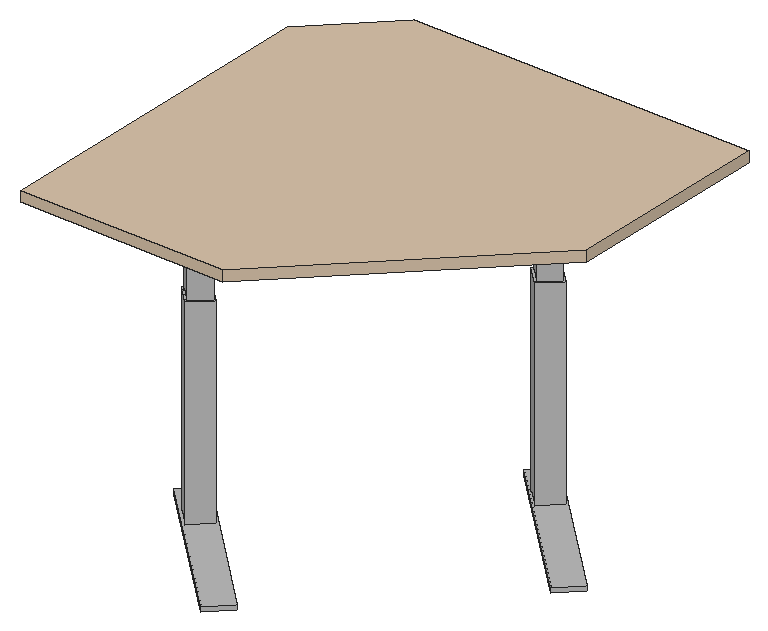
Revit family "Haworth_Planes_HeightAdjustTable_90-Straight", category Furniture Systems, Revit 2018
Family settings
  Round Connector Dimension = Use Diameter
  Part Type = Normal
  OmniClass Number = 23.40.70.14.64.21
  OmniClass Title = Systems Furniture
  Work Plane-Based = No
  Always vertical = Yes
  Cut with Voids When Loaded = No
  Shared = No
  Room Calculation Point = No
Parameters (values of type "46w 23d")
  Width = 46"
  Warranty = "http://www.haworth.com/resources/product-info/warranties"
  URL - Product = "https://www.haworth.com/products/tables/height-adjustable/planes"
  Table Finish [instance] = Haworth _ Laminate _ Maple H-AE
  Table Edge Finish [instance] = Haworth _ Laminate _ Maple H-AE
  Model = "TACA"  # constant formula
  Min/Max Width = "34, 40, 46 in."  # constant formula
  Min/Max Depth = "23 in."  # constant formula
  Min. Height = 27"  # constant formula
  Min. Width = 34"  # constant formula
  Min. Depth = 23"  # constant formula
  Max. Height = 46"  # constant formula
  Max. Width = 46"  # constant formula
  Max. Depth = 23"  # constant formula
  URL = "www.haworth.com"
  Support Height = Actual Height - Top Thickness  # 38 13/16"
  Size = "Verify Final Dim. w/ Haworth"  # constant formula
  Revision Number = "1"  # constant formula
  Manufacturer = "Haworth"  # constant formula
  Leg Side Offset = if(Width < 40", 11 1/2", if(Width = 40", 14", 17"))  # 17"
  Leg Finish [instance] = Haworth _ Paint _ Metallic Champagne
  Leg Back Offset = if(Width < 40", 14 11/32", if(Width = 40", 16 31/32", 18 5/32"))  # 18 5/32"
  Knife Edge = not(Edgeband)  # no
  Height = 40"
  Edgeband = yes
  Description = "Haworth Planes - HAT - 90 Straight - 46w 23d"
  Depth = 23"
  Custom Size = not(and(Depth = 23", or(Width = 34", Width = 40", Width = 46")))  # no
  Base Tube Finish = Haworth _ Paint _ Smoke
  Back Start Control = if(Actual Width < 40", 4 1/4", 5 83/128")  # 5 83/128"
  Author = "Haworth (Alias)"  # constant formula
  Assembly Code = "E2020200"
  Actual Width = if(Width > Max. Width, Max. Width, if(Width < Min. Width, Min. Width, Width))  # 46"
  Actual Height = if(Height > Max. Height, Max. Height, if(Height < Min. Height, Min. Height, Height))  # 40"
  Top Thickness = 1 3/16"  # constant formula
  Actual Depth = if(Depth > Max. Depth, Max. Depth, if(Depth < Min. Depth, Min. Depth, Depth))  # 23"
  23 Deep = Actual Depth < 27"  # yes
Types (3): name | Width | Leg Side Offset | Leg Back Offset | Description | Back Start Control | Actual Width
  40w 23d | 40" | 14" | 16 31/32" | "Haworth Planes - HAT - 90 Straight - 40w 23d" | 5 83/128" | 40"
  34w 23d | 34" | 11 1/2" | 14 11/32" | "Haworth Planes - HAT - 90 Straight - 34w 23d" | 4 1/4" | 34"
  46w 23d | 46" | 17" | 18 5/32" | "Haworth Planes - HAT - 90 Straight - 46w 23d" | 5 83/128" | 46"
Reference planes (in)
  plane 1 "Floor": z = 0
  plane 2 "Center L/R": x = 9
  plane 3 "Top": z = 40
  plane 4 "Table Bottom": z = 38.8125
  plane 5 "Back": y = 5.5
  plane 6 "Left": x = -14
  plane 7 "Inside Front": y = -17.5
  plane 8 "Right": x = 32
  plane 9 "Front": y = -40.5
  plane 10 "Inside Right": x = 9
  plane 11 "masking region": z = 38
  plane 12 "Center Angle": through (-14, 5.5, 48) normal (0.7071, 0.7071, 0)
  plane 13 "Back Angle": through (-1.97918, 17.52082, 48) normal (0.7071, 0.7071, 0)
  plane 14 "Front Angle": through (-26.02082, -6.52082, 48) normal (0.7071, 0.7071, 0)
  plane 15 "Center FB": y = -17.5
  plane 16 "Back Worksurface": through (-10.00595, 1.50595, 48) normal (0.7071, -0.7071, 0)
  plane 17 "Leg Middle": through (11.31774, -2.84717, 48) normal (0.7071, -0.7071, 0)
  plane 18 "Back Top Angle": through (-14, 5.5, 48) normal (-0.7071, 0.7071, 0)
Dimensions and locks (in)
  "Actual Height": plane 3 "Top" to level
  "Top Thickness": plane 3 "Top" to plane 4 "Table Bottom"
  "Actual Width": plane 8 "Right" to plane 6 "Left"
  equal spacing: plane 8 "Right", plane 2 "Center L/R", plane 6 "Left"
  "Actual Depth": plane 5 "Back" to plane 7 "Inside Front"
  "Actual Width": plane 5 "Back" to plane 9 "Front"
  "Actual Depth": plane 6 "Left" to plane 10 "Inside Right"
  locked: plane 3 "Top" to plane 11 "masking region" at 2
  equal spacing: plane 5 "Back", plane 15 "Center FB", plane 9 "Front"
  "Leg Side Offset": plane 13 "Back Angle" to plane 12 "Center Angle"
  "Leg Side Offset": plane 12 "Center Angle" to plane 14 "Front Angle"
  "Back Start Control": plane 18 "Back Top Angle" to plane 16 "Back Worksurface"
  "Leg Back Offset": plane 17 "Leg Middle" to plane 16 "Back Worksurface"
  aligned and locked: plane 1 "Floor" to nested 1
  aligned and locked: plane 1 "Floor" to nested 2
  aligned and locked: plane 5 "Back" to nested 2
  aligned and locked: nested 2 to plane 6 "Left"
  aligned and locked: nested 1 to plane 17 "Leg Middle"
  aligned and locked: nested 3 to plane 17 "Leg Middle"
  aligned and locked: nested 1 to plane 14 "Front Angle"
  aligned and locked: plane 13 "Back Angle" to nested 3
  aligned and locked: nested 3 to plane 1 "Floor"
Nested families (in)
  nested 1: "Haworth_Support-Height_Adjustable_Leg_Part" at (-8.21609, -22.381, 0) x (0.7071, 0.7071, 0) z (0, 0, 1), type "Leg"
    with Leg Height 38 13/16"
  nested 2: "Haworth_Planes_Worksurface_90Straight_Part" at (6, -29.5, 0), type "Worksurface"
    with Actual Width 46", Actual Height 40"
  nested 3: "Haworth_Support-Height_Adjustable_Leg_Part" at (13.881, -0.28391, 0) x (-0.7071, -0.7071, 0) z (0, 0, 1), type "Leg"
    with Leg Height 38 13/16"
Definition of nested family "Haworth_Support-Height_Adjustable_Leg_Part"
  Parameters (values of type "Leg")
    URL = "www.haworth.com"
    Top Support Front = if([29 Deep], 14 1/8", 8 1/8")  # 8 1/8"
    Note = "Verify Final Dim. w/ Haworth"  # constant formula
    Manufacturer = "Haworth"  # constant formula
    Leg Length Middle = if([29 Deep], 9 1/8", 7 1/8")  # 7 1/8"
    Leg Length Front = if([29 Deep], 19 5/16", 16 5/16")  # 16 5/16"
    Leg Length Back = if([29 Deep], 8 1/8", 5 1/8")  # 5 1/8"
    Leg Height = 27 13/16"
    Leg Finish = none
    Glide Finish = none
    Base Tube Finish = none
    Assembly Code = ""
    Actual Depth = if([29 Deep], 27 7/16", 21 7/16")  # 21 7/16"
    29 Deep = not([23 Deep])  # no
    23 Deep = yes
  Reference planes (in)
    plane 1 "Center (Front/Back)": y = 0
    plane 2 "Bottom": z = 0
    plane 3 "Center (Left/Right)": x = 0
    plane 4 "Bottom of Top": z = 27.8125
    plane 5 "Top of Base": z = 2.5625
    plane 6: z = 1.5625
    plane 7: y = 2.4375
    plane 8: y = -12.125
    plane 9: x = 1.375
    plane 10: x = -1.375
    plane 11: x = -1.625
    plane 12: x = 1.625
    plane 13: y = 5.125
    plane 14: y = -16.3125
    plane 15: y = -14.9375
    plane 16: y = 3.9375
    plane 17 "Support Bottom": z = 25.1875
    plane 18: z = 26.5
    plane 19: y = 7.875
    plane 20: y = -8.125
    plane 21 "Top of Leg": z = 23.5625
  Forms (in)
    Extrusion 1, solid, material <- "Leg Finish"
      sketch origin (0, 0, 0) x (0, -1, 0) y (0, 0, -1)
        loop
          line (16.3125, -0.375) -> (-5.125, -0.375) -> (-5.125, -0.875) -> (16.3125, -0.875) -> (16.3125, -0.375)
      from -1.625 to 1.625
    Extrusion 2, solid, material <- "Leg Finish"
      sketch origin (0, 0, 2.5625) x (-1, 0, 0) y (0, -1, 0)
        loop
          line (1.375, -1.375) -> (1.375, 1.375) -> (-1.375, 1.375) -> (-1.375, -1.375) -> (1.375, -1.375)
      from -1.6875 to 21
    Extrusion 3, solid, material <- "Leg Finish"
      sketch origin (-1.375, -19.87459, 48) x (0, -1, 0) y (0, 0, -1)
        loop
          line (-10.24959, 20.1875) -> (-10.24959, 21.66628) -> (-16.14638, 22.8125) -> (-20.66006, 22.8125) -> (-26.24959, 20.55418) -> (-26.24959, 20.1875) -> (-10.24959, 20.1875)
      from 0 to -0.125
    Extrusion 4, solid, material <- "Base Tube Finish"
      sketch origin (0, 0, 2.5625) x (-1, 0, 0) y (0, -1, 0)
        loop
          line (1.1875, -1.1875) -> (1.1875, 1.1875) -> (-1.1875, 1.1875) -> (-1.1875, -1.1875) -> (1.1875, -1.1875)
      from 21 to 25.25
    Extrusion 5, solid, material <- "Glide Finish"
      sketch origin (0, 0, 0) x (1, 0, 0) y (0, 1, 0)
        loop
          circle (0, 2.4375) r 1.12339
        loop
          circle (0, -12.125) r 1.12816
      from 0 to 0.375
  Cuts and joins
    joined: Extrusion 1, Extrusion 2
  Lines and regions (in)
    Masking region 1, detail levels medium+fine
      outline origin (0, 0, 0) x (1, 0, 0) y (0, 1, 0)
        loop
          line (-1.625, -16.3125) -> (1.625, -16.3125) -> (1.625, 5.125) -> (-1.625, 5.125) -> (-1.625, -16.3125)
    symbolic lines, detail levels medium+fine
      curve 1: line (-1.375, 1.375, 0) -> (1.375, 1.375, 0)
      curve 2: line (-1.375, -1.375, 0) -> (-1.375, 1.375, 0)
      curve 3: line (1.375, -1.375, 0) -> (-1.375, -1.375, 0)
      curve 4: line (1.375, 1.375, 0) -> (1.375, -1.375, 0)
  Dimensions and locks (in)
    "Leg Height": plane 4 "Bottom of Top" to level
    level to plane 5 "Top of Base" = 2 9/16"
    level to plane 6 = 1 9/16"
    locked: plane 10 to plane 9 at 2.75
    locked: plane 11 to plane 12 at 3.25
    equal spacing: plane 11, plane 3 "Center (Left/Right)", plane 12
    equal spacing: plane 10, plane 3 "Center (Left/Right)", plane 9
    plane 4 "Bottom of Top" to plane 17 "Support Bottom" = 2 5/8"
    Extrusion 2 sketch curve to plane 1 "Center (Front/Back)" to Extrusion 2 sketch curve = 1 3/8", 1 3/8"
    locked: plane 21 "Top of Leg" to level at 23.5625
    "Leg Length Front": plane 14 to plane 1 "Center (Front/Back)"
    "Leg Length Back": plane 1 "Center (Front/Back)" to plane 13
    locked: plane 14 to plane 15 at 1.375
    locked: plane 15 to plane 8 at 2.8125
    locked: plane 16 to plane 13 at 1.1875
    locked: plane 7 to plane 16 at 1.5
    plane 1 "Center (Front/Back)" to plane 13 = 5 1/8"
    "Top Support Front": plane 20 to plane 1 "Center (Front/Back)"
    angle plane 4 "Bottom of Top" to Extrusion 3 sketch curve = 22.00°
    angle Extrusion 3 sketch curve to plane 4 "Bottom of Top" = 11.00°
    aligned and locked: plane 12 to Extrusion 1
    aligned and locked: Extrusion 1 to plane 11
    aligned and locked: plane 10 to Extrusion 2 sketch curve
    aligned and locked: Extrusion 2 sketch curve to plane 9
    aligned: plane 4 "Bottom of Top" to Extrusion 2
    aligned and locked: Extrusion 3 sketch curve to plane 17 "Support Bottom"
    aligned and locked: Extrusion 3 sketch curve to plane 4 "Bottom of Top"
    aligned and locked: plane 21 "Top of Leg" to cut or joined group of Extrusion 1, Extrusion 2
    aligned and locked: plane 4 "Bottom of Top" to Extrusion 4
    aligned and locked: Extrusion 2 to Extrusion 1
    aligned and locked: Masking region 1 sketch curve to plane 12
    aligned and locked: plane 11 to Masking region 1 sketch curve
    aligned and locked: plane 14 to Masking region 1 sketch curve
    aligned and locked: curve 1 to cut or joined group of Extrusion 1, Extrusion 2
    aligned and locked: curve 2 to cut or joined group of Extrusion 1, Extrusion 2
    aligned and locked: curve 3 to cut or joined group of Extrusion 1, Extrusion 2
    aligned and locked: curve 4 to cut or joined group of Extrusion 1, Extrusion 2
  Automatic sketch dimensions
    plane 19 to Extrusion 3 sketch curve = 1 1/2"
    plane 20 to Extrusion 3 sketch curve = 1 1/2"
    plane 1 "Center (Front/Back)" to Extrusion 3 sketch curve = 0.78546"
    Extrusion 3 sketch curve to plane 1 "Center (Front/Back)" = 3.72822"
    Extrusion 4 sketch curve to plane 9 = 3/16"
    plane 10 to Extrusion 4 sketch curve = 3/16"
    Extrusion 4 sketch curve to plane 1 "Center (Front/Back)" = 1 3/16"
    plane 1 "Center (Front/Back)" to Extrusion 4 sketch curve = 1 3/16"
    Extrusion 5 sketch curve to plane 3 "Center (Left/Right)" = 0"  (x2)
    Extrusion 5 sketch curve to plane 8 = 0"
    Extrusion 5 sketch curve to plane 7 = 0"
    Extrusion 1 sketch curve to plane 13 = 0"
    Extrusion 1 sketch curve to plane 14 = 0"
    Extrusion 1 sketch curve to level = 3/8"
    Extrusion 1 sketch curve to Extrusion 1 sketch curve = 1/2"
    Masking region 1 sketch curve to plane 13 = 0"
    radius of Extrusion 5 sketch curve = 1.12339"
    radius of Extrusion 5 sketch curve = 1.12816"
Definition of nested family "Haworth_Planes_Worksurface_90Straight_Part"
  Parameters (values of type "Worksurface")
    Warranty = "http://www.haworth.com/resources/product-info/warranties"
    URL - Product = ""
    URL = "www.haworth.com"
    Thickness = 1 3/16"  # constant formula
    Table Finish = none
    Table Edge Finish = none
    Size = "Verify Final Dim. w/ Haworth"  # constant formula
    Revision Number = ""
    Model = "Haworth Planes"  # constant formula
    Manufacturer = "Haworth"  # constant formula
    Knife Edge = no
    Edgeband = yes
    Description = "Haworth Planes Worksurface - Part"
    Back Flat Offset = if(Actual Width < 40", 4 1/4", 5 83/128")  # 5 83/128"
    Author = "Haworth (Alias)"  # constant formula
    Assembly Code = ""
    Actual Width = 40"
    Actual Height = 29"
    Actual Depth = 23"
  Reference planes (in)
    plane 1 "Center F/B": y = 15
    plane 2: z = 0
    plane 3 "Center L/R": x = 0
    plane 4 "Table Front": y = 35
    plane 5 "Table Right": x = 20
    plane 6 "Table Left": x = -20
    plane 7 "Table Back": y = -5
    plane 8 "Table Top": z = 29
    plane 9 "Table Bottom": z = 27.8125
    plane 10 "Knife Edge Middle": z = 28.625
    plane 11: through (-20, 35, 48) normal (0.7071, 0.7071, 0)
    plane 12 "Inside Flat 1": x = 3
    plane 13 "Inside Flat 2": y = 12
    plane 14 "Back Offset": through (-20, 35, 48) normal (-0.7071, 0.7071, 0)
    plane 15 "Worksurface Back": through (-9.73298, 37.27892, 48) normal (0.7071, -0.7071, 0)
  Forms (in)
    Extrusion 1, solid, material <- "Table Finish", visible <- "Edgeband"
      sketch origin (0, 0, 0) x (1, 0, 0) y (0, 1, 0)
        loop
          line (-12.0119, 35) -> (-20, 27.0119) -> (-20, -5) -> (3, -5) -> (20, 12) -> (20, 35) -> (-12.0119, 35)
      from 27.8125 to 29
    Extrusion 2, solid, material <- "Table Finish", visible <- "Knife Edge"
      sketch origin (0, 0, 0) x (1, 0, 0) y (0, 1, 0)
        loop
          line (20, 12) -> (20, 35) -> (-12.0119, 35) -> (-20, 27.0119) -> (-20, -5) -> (3, -5) -> (20, 12)
      from 29 to 28.625
    Blend 3, solid, material <- "Table Finish", visible <- "Knife Edge"
      base sketch origin (0, 0, 0) x (1, 0, 0) y (0, 1, 0)
        loop
          line (20, 14.82843) -> (20, 35) -> (-12.0119, 35) -> (-20, 27.0119) -> (-20, -5) -> (0.17157, -5) -> (20, 14.82843)
      top sketch origin (0, 0, 0) x (1, 0, 0) y (0, 1, 0)
        loop
          line (20, 12) -> (20, 35) -> (-12.0119, 35) -> (-20, 27.0119) -> (-20, -5) -> (3, -5) -> (20, 12)
      from 27.8125 to 28.625
  Cuts and joins
    joined: Extrusion 2, Blend 3
  Lines and regions (in)
    Masking region 1
      outline origin (0, 0, 0) x (1, 0, 0) y (0, 1, 0)
        loop
          line (-12.0119, 35) -> (-20, 27.0119) -> (-20, -5) -> (3, -5) -> (20, 12) -> (20, 35) -> (-12.0119, 35)
    symbolic lines, visible <- "Knife Edge", detail levels medium+fine
      curve 1: line (20, 14.82843, 0) -> (0.17157, -5, 0)
  Dimensions and locks (in)
    "Actual Width": plane 6 "Table Left" to plane 5 "Table Right"
    equal spacing: plane 6 "Table Left", plane 3 "Center L/R", plane 5 "Table Right"
    equal spacing: plane 4 "Table Front", plane 1 "Center F/B", plane 7 "Table Back"
    "Thickness": plane 8 "Table Top" to plane 9 "Table Bottom"
    "Actual Height": plane 8 "Table Top" to level
    locked: plane 8 "Table Top" to plane 10 "Knife Edge Middle" at 0.375
    "Actual Width": plane 4 "Table Front" to plane 7 "Table Back"
    "Actual Depth": plane 6 "Table Left" to plane 12 "Inside Flat 1"
    "Actual Depth": plane 13 "Inside Flat 2" to plane 4 "Table Front"
    "Back Flat Offset": plane 14 "Back Offset" to plane 15 "Worksurface Back"
    locked: cut or joined group of Extrusion 2, Blend 3 to Blend 3 sketch curve at 2
    aligned and locked: Extrusion 1 sketch curve to plane 4 "Table Front"
    aligned and locked: plane 8 "Table Top" to Extrusion 1
    aligned and locked: Extrusion 1 to plane 9 "Table Bottom"
    aligned and locked: Masking region 1 sketch curve to plane 7 "Table Back"
    aligned and locked: plane 6 "Table Left" to Masking region 1 sketch curve
    aligned and locked: Masking region 1 sketch curve to plane 4 "Table Front"
    aligned and locked: plane 5 "Table Right" to Masking region 1 sketch curve
    aligned and locked: cut or joined group of Extrusion 2, Blend 3 to plane 10 "Knife Edge Middle"
    aligned and locked: plane 8 "Table Top" to cut or joined group of Extrusion 2, Blend 3
    aligned and locked: Blend 3 to plane 10 "Knife Edge Middle"
    aligned and locked: Blend 3 to plane 9 "Table Bottom"
    aligned and locked: plane 7 "Table Back" to Extrusion 1 sketch curve
    aligned and locked: plane 5 "Table Right" to Extrusion 1 sketch curve
    aligned and locked: plane 6 "Table Left" to Extrusion 1 sketch curve
    aligned and locked: Blend 3 sketch curve to cut or joined group of Extrusion 2, Blend 3
    aligned and locked: plane 7 "Table Back" to Blend 3 sketch curve  (x2)
    aligned and locked: Blend 3 sketch curve to plane 5 "Table Right"  (x2)
    aligned and locked: Blend 3 sketch curve to plane 6 "Table Left"  (x2)
    aligned and locked: plane 4 "Table Front" to Blend 3 sketch curve  (x2)
    aligned and locked: Extrusion 2 sketch curve to plane 5 "Table Right"
    aligned and locked: plane 7 "Table Back" to Extrusion 2 sketch curve
    aligned and locked: plane 4 "Table Front" to Extrusion 2 sketch curve
    aligned and locked: Extrusion 2 sketch curve to plane 6 "Table Left"
    aligned and locked: plane 15 "Worksurface Back" to Extrusion 1 sketch curve
    aligned and locked: Extrusion 2 sketch curve to plane 15 "Worksurface Back"
    aligned and locked: Blend 3 sketch curve to plane 15 "Worksurface Back"  (x2)
    aligned and locked: Masking region 1 sketch curve to plane 15 "Worksurface Back"
    aligned and locked: plane 12 "Inside Flat 1" to Extrusion 1 sketch curve
    aligned and locked: plane 13 "Inside Flat 2" to Extrusion 1 sketch curve
    aligned and locked: plane 13 "Inside Flat 2" to Extrusion 2 sketch curve
    aligned and locked: plane 12 "Inside Flat 1" to Extrusion 2 sketch curve
    aligned and locked: plane 12 "Inside Flat 1" to Blend 3 sketch curve
    aligned and locked: plane 13 "Inside Flat 2" to Blend 3 sketch curve
    aligned and locked: plane 12 "Inside Flat 1" to Masking region 1 sketch curve
    aligned and locked: plane 13 "Inside Flat 2" to Masking region 1 sketch curve
    aligned and locked: curve 1 to cut or joined group of Extrusion 2, Blend 3
  Automatic sketch dimensions
    plane 7 "Table Back" to curve 1 = 0"
    curve 1 to plane 5 "Table Right" = 0"
